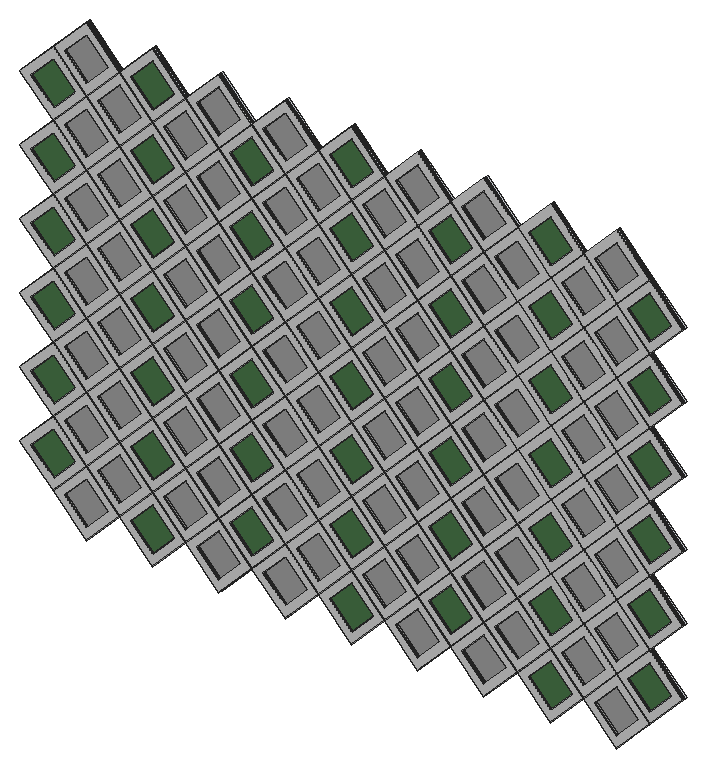
Revit family "SUR-STK-047_RITRATTO_RFA", category Modelos genéricos, Revit 2022
Family settings
  Puede alojar armadura = No
  Cota de conector redondo = Diámetro de uso
  Tipo de pieza = Normal
  Se basa en plano de trabajo = No
  Siempre vertical = Sí
  Corte con vacíos al cargar = No
  Mantener orientación de anotación = No
  Compartido = No
  Punto de cálculo de habitación = No
Parameters
  Elevación por defecto = 0.00"
Reference planes (in)
  plane 1 "Centro (Frontal/Posterior)": y = 0
  plane 2: z = 0
  plane 3 "Centro (Izquierda/Derecha)": x = 0
Forms (in)
  Extrusion 1, solid
    sketch origin (0, 0, 0) x (1, 0, 0) y (0, 0, 1)
      loop
        line (11.31371, 8.48528) -> (16.97056, 2.82843) -> (22.62742, 8.48528) -> (16.97056, 14.14214) -> (11.31371, 8.48528)
      loop
        line (8.48528, 8.48528) -> (16.97056, 0) -> (25.45584, 8.48528) -> (16.97056, 16.97056) -> (8.48528, 8.48528)
    from 0.47244 to 0.94488
  Extrusion 2, solid
    sketch origin (0, -0.5315, 0) x (1, 0, 0) y (0, 0, 1)
      loop
        line (11.31371, 8.48528) -> (16.97056, 2.82843) -> (22.62742, 8.48528) -> (16.97056, 14.14214) -> (11.31371, 8.48528)
      loop
        line (8.48528, 8.48528) -> (16.97056, 0) -> (25.45584, 8.48528) -> (16.97056, 16.97056) -> (8.48528, 8.48528)
    from 0.41339 to 0.5315
  Extrusion 3, solid
    sketch origin (0, 0.47244, 0) x (1, 0, 0) y (0, 0, 1)
      loop
        line (8.48528, 8.48528) -> (16.97056, 0) -> (25.45584, 8.48528) -> (16.97056, 16.97056) -> (8.48528, 8.48528)
    from 0.47244 to 0.94488
  Extrusion 4, solid, not visible
    sketch origin (0, 0, 0) x (1, 0, 0) y (0, 0, 1)
      loop
        line (11.31371, 8.48528) -> (16.97056, 2.82843) -> (22.62742, 8.48528) -> (16.97056, 14.14214) -> (11.31371, 8.48528)
      loop
        line (8.48528, 8.48528) -> (16.97056, 0) -> (25.45584, 8.48528) -> (16.97056, 16.97056) -> (8.48528, 8.48528)
    from 0.47244 to 0.94488
  Extrusion 5, solid, not visible
    sketch origin (0, -0.5315, 0) x (1, 0, 0) y (0, 0, 1)
      loop
        line (11.31371, 8.48528) -> (16.97056, 2.82843) -> (22.62742, 8.48528) -> (16.97056, 14.14214) -> (11.31371, 8.48528)
      loop
        line (8.48528, 8.48528) -> (16.97056, 0) -> (25.45584, 8.48528) -> (16.97056, 16.97056) -> (8.48528, 8.48528)
    from 0.41339 to 0.5315
  Extrusion 6, solid, not visible
    sketch origin (0, 0.47244, 0) x (1, 0, 0) y (0, 0, 1)
      loop
        line (8.48528, 8.48528) -> (16.97056, 0) -> (25.45584, 8.48528) -> (16.97056, 16.97056) -> (8.48528, 8.48528)
    from 0.47244 to 0.94488
  Extrusion 7, solid
    sketch origin (-8.48528, 0, 8.48528) x (1, 0, 0) y (0, 0, 1)
      loop
        line (11.31371, 8.48528) -> (16.97056, 2.82843) -> (22.62742, 8.48528) -> (16.97056, 14.14214) -> (11.31371, 8.48528)
      loop
        line (8.48528, 8.48528) -> (16.97056, 0) -> (25.45584, 8.48528) -> (16.97056, 16.97056) -> (8.48528, 8.48528)
    from 0.47244 to 0.94488
  Extrusion 8, solid
    sketch origin (-8.48528, -0.5315, 8.48528) x (1, 0, 0) y (0, 0, 1)
      loop
        line (11.31371, 8.48528) -> (16.97056, 2.82843) -> (22.62742, 8.48528) -> (16.97056, 14.14214) -> (11.31371, 8.48528)
      loop
        line (8.48528, 8.48528) -> (16.97056, 0) -> (25.45584, 8.48528) -> (16.97056, 16.97056) -> (8.48528, 8.48528)
    from 0.41339 to 0.5315
  Extrusion 9, solid
    sketch origin (-8.48528, 0.47244, 8.48528) x (1, 0, 0) y (0, 0, 1)
      loop
        line (8.48528, 8.48528) -> (16.97056, 0) -> (25.45584, 8.48528) -> (16.97056, 16.97056) -> (8.48528, 8.48528)
    from 0.47244 to 0.94488
  Extrusion 10, solid
    sketch origin (0, 0, 0) x (1, 0, 0) y (0, 0, 1)
      loop
        line (8.48528, 11.31371) -> (14.14214, 16.97056) -> (8.48528, 22.62742) -> (2.82843, 16.97056) -> (8.48528, 11.31371)
    from 0.47244 to 0.70866
  Extrusion 11, solid, not visible
    sketch origin (-8.48528, 0, 8.48528) x (1, 0, 0) y (0, 0, 1)
      loop
        line (11.31371, 8.48528) -> (16.97056, 2.82843) -> (22.62742, 8.48528) -> (16.97056, 14.14214) -> (11.31371, 8.48528)
      loop
        line (8.48528, 8.48528) -> (16.97056, 0) -> (25.45584, 8.48528) -> (16.97056, 16.97056) -> (8.48528, 8.48528)
    from 0.47244 to 0.94488
  Extrusion 12, solid, not visible
    sketch origin (-8.48528, -0.5315, 8.48528) x (1, 0, 0) y (0, 0, 1)
      loop
        line (11.31371, 8.48528) -> (16.97056, 2.82843) -> (22.62742, 8.48528) -> (16.97056, 14.14214) -> (11.31371, 8.48528)
      loop
        line (8.48528, 8.48528) -> (16.97056, 0) -> (25.45584, 8.48528) -> (16.97056, 16.97056) -> (8.48528, 8.48528)
    from 0.41339 to 0.5315
  Extrusion 13, solid, not visible
    sketch origin (-8.48528, 0.47244, 8.48528) x (1, 0, 0) y (0, 0, 1)
      loop
        line (8.48528, 8.48528) -> (16.97056, 0) -> (25.45584, 8.48528) -> (16.97056, 16.97056) -> (8.48528, 8.48528)
    from 0.47244 to 0.94488
  Extrusion 14, solid, not visible
    sketch origin (0, 0, 0) x (1, 0, 0) y (0, 0, 1)
      loop
        line (8.48528, 11.31371) -> (14.14214, 16.97056) -> (8.48528, 22.62742) -> (2.82843, 16.97056) -> (8.48528, 11.31371)
    from 0.47244 to 0.70866
  Extrusion 15, solid
    sketch origin (8.48528, 0, 8.48528) x (1, 0, 0) y (0, 0, 1)
      loop
        line (11.31371, 8.48528) -> (16.97056, 2.82843) -> (22.62742, 8.48528) -> (16.97056, 14.14214) -> (11.31371, 8.48528)
      loop
        line (8.48528, 8.48528) -> (16.97056, 0) -> (25.45584, 8.48528) -> (16.97056, 16.97056) -> (8.48528, 8.48528)
    from 0.47244 to 0.94488
  Extrusion 16, solid
    sketch origin (8.48528, -0.5315, 8.48528) x (1, 0, 0) y (0, 0, 1)
      loop
        line (11.31371, 8.48528) -> (16.97056, 2.82843) -> (22.62742, 8.48528) -> (16.97056, 14.14214) -> (11.31371, 8.48528)
      loop
        line (8.48528, 8.48528) -> (16.97056, 0) -> (25.45584, 8.48528) -> (16.97056, 16.97056) -> (8.48528, 8.48528)
    from 0.41339 to 0.5315
  Extrusion 17, solid
    sketch origin (8.48528, 0.47244, 8.48528) x (1, 0, 0) y (0, 0, 1)
      loop
        line (8.48528, 8.48528) -> (16.97056, 0) -> (25.45584, 8.48528) -> (16.97056, 16.97056) -> (8.48528, 8.48528)
    from 0.47244 to 0.94488
  Extrusion 18, solid
    sketch origin (16.97056, 0, 0) x (1, 0, 0) y (0, 0, 1)
      loop
        line (11.31371, 8.48528) -> (16.97056, 2.82843) -> (22.62742, 8.48528) -> (16.97056, 14.14214) -> (11.31371, 8.48528)
      loop
        line (8.48528, 8.48528) -> (16.97056, 0) -> (25.45584, 8.48528) -> (16.97056, 16.97056) -> (8.48528, 8.48528)
    from 0.47244 to 0.94488
  Extrusion 19, solid
    sketch origin (16.97056, -0.5315, 0) x (1, 0, 0) y (0, 0, 1)
      loop
        line (11.31371, 8.48528) -> (16.97056, 2.82843) -> (22.62742, 8.48528) -> (16.97056, 14.14214) -> (11.31371, 8.48528)
      loop
        line (8.48528, 8.48528) -> (16.97056, 0) -> (25.45584, 8.48528) -> (16.97056, 16.97056) -> (8.48528, 8.48528)
    from 0.41339 to 0.5315
  Extrusion 20, solid
    sketch origin (16.97056, 0.47244, 0) x (1, 0, 0) y (0, 0, 1)
      loop
        line (8.48528, 8.48528) -> (16.97056, 0) -> (25.45584, 8.48528) -> (16.97056, 16.97056) -> (8.48528, 8.48528)
    from 0.47244 to 0.94488
  Extrusion 21, solid
    sketch origin (25.45584, 0, -8.48528) x (1, 0, 0) y (0, 0, 1)
      loop
        line (8.48528, 11.31371) -> (14.14214, 16.97056) -> (8.48528, 22.62742) -> (2.82843, 16.97056) -> (8.48528, 11.31371)
    from 0.47244 to 0.70866
  Extrusion 22, solid
    sketch origin (33.94113, 0, 0) x (1, 0, 0) y (0, 0, 1)
      loop
        line (11.31371, 8.48528) -> (16.97056, 2.82843) -> (22.62742, 8.48528) -> (16.97056, 14.14214) -> (11.31371, 8.48528)
      loop
        line (8.48528, 8.48528) -> (16.97056, 0) -> (25.45584, 8.48528) -> (16.97056, 16.97056) -> (8.48528, 8.48528)
    from 0.47244 to 0.94488
  Extrusion 23, solid
    sketch origin (33.94113, -0.5315, 0) x (1, 0, 0) y (0, 0, 1)
      loop
        line (11.31371, 8.48528) -> (16.97056, 2.82843) -> (22.62742, 8.48528) -> (16.97056, 14.14214) -> (11.31371, 8.48528)
      loop
        line (8.48528, 8.48528) -> (16.97056, 0) -> (25.45584, 8.48528) -> (16.97056, 16.97056) -> (8.48528, 8.48528)
    from 0.41339 to 0.5315
  Extrusion 24, solid
    sketch origin (33.94113, 0.47244, 0) x (1, 0, 0) y (0, 0, 1)
      loop
        line (8.48528, 8.48528) -> (16.97056, 0) -> (25.45584, 8.48528) -> (16.97056, 16.97056) -> (8.48528, 8.48528)
    from 0.47244 to 0.94488
  Extrusion 25, solid
    sketch origin (50.91169, 0, 0) x (1, 0, 0) y (0, 0, 1)
      loop
        line (11.31371, 8.48528) -> (16.97056, 2.82843) -> (22.62742, 8.48528) -> (16.97056, 14.14214) -> (11.31371, 8.48528)
      loop
        line (8.48528, 8.48528) -> (16.97056, 0) -> (25.45584, 8.48528) -> (16.97056, 16.97056) -> (8.48528, 8.48528)
    from 0.47244 to 0.94488
  Extrusion 26, solid
    sketch origin (50.91169, -0.5315, 0) x (1, 0, 0) y (0, 0, 1)
      loop
        line (11.31371, 8.48528) -> (16.97056, 2.82843) -> (22.62742, 8.48528) -> (16.97056, 14.14214) -> (11.31371, 8.48528)
      loop
        line (8.48528, 8.48528) -> (16.97056, 0) -> (25.45584, 8.48528) -> (16.97056, 16.97056) -> (8.48528, 8.48528)
    from 0.41339 to 0.5315
  Extrusion 27, solid
    sketch origin (50.91169, 0.47244, 0) x (1, 0, 0) y (0, 0, 1)
      loop
        line (8.48528, 8.48528) -> (16.97056, 0) -> (25.45584, 8.48528) -> (16.97056, 16.97056) -> (8.48528, 8.48528)
    from 0.47244 to 0.94488
  Extrusion 28, solid
    sketch origin (25.45584, 0, 8.48528) x (1, 0, 0) y (0, 0, 1)
      loop
        line (11.31371, 8.48528) -> (16.97056, 2.82843) -> (22.62742, 8.48528) -> (16.97056, 14.14214) -> (11.31371, 8.48528)
      loop
        line (8.48528, 8.48528) -> (16.97056, 0) -> (25.45584, 8.48528) -> (16.97056, 16.97056) -> (8.48528, 8.48528)
    from 0.47244 to 0.94488
  Extrusion 29, solid
    sketch origin (25.45584, -0.5315, 8.48528) x (1, 0, 0) y (0, 0, 1)
      loop
        line (11.31371, 8.48528) -> (16.97056, 2.82843) -> (22.62742, 8.48528) -> (16.97056, 14.14214) -> (11.31371, 8.48528)
      loop
        line (8.48528, 8.48528) -> (16.97056, 0) -> (25.45584, 8.48528) -> (16.97056, 16.97056) -> (8.48528, 8.48528)
    from 0.41339 to 0.5315
  Extrusion 30, solid
    sketch origin (25.45584, 0.47244, 8.48528) x (1, 0, 0) y (0, 0, 1)
      loop
        line (8.48528, 8.48528) -> (16.97056, 0) -> (25.45584, 8.48528) -> (16.97056, 16.97056) -> (8.48528, 8.48528)
    from 0.47244 to 0.94488
  Extrusion 31, solid
    sketch origin (59.39697, 0, 8.48528) x (1, 0, 0) y (0, 0, 1)
      loop
        line (11.31371, 8.48528) -> (16.97056, 2.82843) -> (22.62742, 8.48528) -> (16.97056, 14.14214) -> (11.31371, 8.48528)
      loop
        line (8.48528, 8.48528) -> (16.97056, 0) -> (25.45584, 8.48528) -> (16.97056, 16.97056) -> (8.48528, 8.48528)
    from 0.47244 to 0.94488
  Extrusion 32, solid
    sketch origin (59.39697, -0.5315, 8.48528) x (1, 0, 0) y (0, 0, 1)
      loop
        line (11.31371, 8.48528) -> (16.97056, 2.82843) -> (22.62742, 8.48528) -> (16.97056, 14.14214) -> (11.31371, 8.48528)
      loop
        line (8.48528, 8.48528) -> (16.97056, 0) -> (25.45584, 8.48528) -> (16.97056, 16.97056) -> (8.48528, 8.48528)
    from 0.41339 to 0.5315
  Extrusion 33, solid
    sketch origin (59.39697, 0.47244, 8.48528) x (1, 0, 0) y (0, 0, 1)
      loop
        line (8.48528, 8.48528) -> (16.97056, 0) -> (25.45584, 8.48528) -> (16.97056, 16.97056) -> (8.48528, 8.48528)
    from 0.47244 to 0.94488
  Extrusion 34, solid
    sketch origin (42.42641, 0, 8.48528) x (1, 0, 0) y (0, 0, 1)
      loop
        line (11.31371, 8.48528) -> (16.97056, 2.82843) -> (22.62742, 8.48528) -> (16.97056, 14.14214) -> (11.31371, 8.48528)
      loop
        line (8.48528, 8.48528) -> (16.97056, 0) -> (25.45584, 8.48528) -> (16.97056, 16.97056) -> (8.48528, 8.48528)
    from 0.47244 to 0.94488
  Extrusion 35, solid
    sketch origin (42.42641, -0.5315, 8.48528) x (1, 0, 0) y (0, 0, 1)
      loop
        line (11.31371, 8.48528) -> (16.97056, 2.82843) -> (22.62742, 8.48528) -> (16.97056, 14.14214) -> (11.31371, 8.48528)
      loop
        line (8.48528, 8.48528) -> (16.97056, 0) -> (25.45584, 8.48528) -> (16.97056, 16.97056) -> (8.48528, 8.48528)
    from 0.41339 to 0.5315
  Extrusion 36, solid
    sketch origin (42.42641, 0.47244, 8.48528) x (1, 0, 0) y (0, 0, 1)
      loop
        line (8.48528, 8.48528) -> (16.97056, 0) -> (25.45584, 8.48528) -> (16.97056, 16.97056) -> (8.48528, 8.48528)
    from 0.47244 to 0.94488
  Extrusion 37, solid
    sketch origin (50.91169, 0, 0) x (1, 0, 0) y (0, 0, 1)
      loop
        line (8.48528, 11.31371) -> (14.14214, 16.97056) -> (8.48528, 22.62742) -> (2.82843, 16.97056) -> (8.48528, 11.31371)
    from 0.47244 to 0.70866
  Extrusion 38, solid
    sketch origin (67.88225, 0, 0) x (1, 0, 0) y (0, 0, 1)
      loop
        line (11.31371, 8.48528) -> (16.97056, 2.82843) -> (22.62742, 8.48528) -> (16.97056, 14.14214) -> (11.31371, 8.48528)
      loop
        line (8.48528, 8.48528) -> (16.97056, 0) -> (25.45584, 8.48528) -> (16.97056, 16.97056) -> (8.48528, 8.48528)
    from 0.47244 to 0.94488
  Extrusion 39, solid
    sketch origin (67.88225, -0.5315, 0) x (1, 0, 0) y (0, 0, 1)
      loop
        line (11.31371, 8.48528) -> (16.97056, 2.82843) -> (22.62742, 8.48528) -> (16.97056, 14.14214) -> (11.31371, 8.48528)
      loop
        line (8.48528, 8.48528) -> (16.97056, 0) -> (25.45584, 8.48528) -> (16.97056, 16.97056) -> (8.48528, 8.48528)
    from 0.41339 to 0.5315
  Extrusion 40, solid
    sketch origin (67.88225, 0.47244, 0) x (1, 0, 0) y (0, 0, 1)
      loop
        line (8.48528, 8.48528) -> (16.97056, 0) -> (25.45584, 8.48528) -> (16.97056, 16.97056) -> (8.48528, 8.48528)
    from 0.47244 to 0.94488
  Extrusion 41, solid
    sketch origin (76.36753, 0, -8.48528) x (1, 0, 0) y (0, 0, 1)
      loop
        line (8.48528, 11.31371) -> (14.14214, 16.97056) -> (8.48528, 22.62742) -> (2.82843, 16.97056) -> (8.48528, 11.31371)
    from 0.47244 to 0.70866
  Extrusion 42, solid
    sketch origin (76.36753, 0, 8.48528) x (1, 0, 0) y (0, 0, 1)
      loop
        line (11.31371, 8.48528) -> (16.97056, 2.82843) -> (22.62742, 8.48528) -> (16.97056, 14.14214) -> (11.31371, 8.48528)
      loop
        line (8.48528, 8.48528) -> (16.97056, 0) -> (25.45584, 8.48528) -> (16.97056, 16.97056) -> (8.48528, 8.48528)
    from 0.47244 to 0.94488
  Extrusion 43, solid
    sketch origin (76.36753, -0.5315, 8.48528) x (1, 0, 0) y (0, 0, 1)
      loop
        line (11.31371, 8.48528) -> (16.97056, 2.82843) -> (22.62742, 8.48528) -> (16.97056, 14.14214) -> (11.31371, 8.48528)
      loop
        line (8.48528, 8.48528) -> (16.97056, 0) -> (25.45584, 8.48528) -> (16.97056, 16.97056) -> (8.48528, 8.48528)
    from 0.41339 to 0.5315
  Extrusion 44, solid
    sketch origin (76.36753, 0.47244, 8.48528) x (1, 0, 0) y (0, 0, 1)
      loop
        line (8.48528, 8.48528) -> (16.97056, 0) -> (25.45584, 8.48528) -> (16.97056, 16.97056) -> (8.48528, 8.48528)
    from 0.47244 to 0.94488
  Extrusion 45, solid
    sketch origin (84.85281, 0, 0) x (1, 0, 0) y (0, 0, 1)
      loop
        line (11.31371, 8.48528) -> (16.97056, 2.82843) -> (22.62742, 8.48528) -> (16.97056, 14.14214) -> (11.31371, 8.48528)
      loop
        line (8.48528, 8.48528) -> (16.97056, 0) -> (25.45584, 8.48528) -> (16.97056, 16.97056) -> (8.48528, 8.48528)
    from 0.47244 to 0.94488
  Extrusion 46, solid
    sketch origin (84.85281, -0.5315, 0) x (1, 0, 0) y (0, 0, 1)
      loop
        line (11.31371, 8.48528) -> (16.97056, 2.82843) -> (22.62742, 8.48528) -> (16.97056, 14.14214) -> (11.31371, 8.48528)
      loop
        line (8.48528, 8.48528) -> (16.97056, 0) -> (25.45584, 8.48528) -> (16.97056, 16.97056) -> (8.48528, 8.48528)
    from 0.41339 to 0.5315
  Extrusion 47, solid
    sketch origin (84.85281, 0.47244, 0) x (1, 0, 0) y (0, 0, 1)
      loop
        line (8.48528, 8.48528) -> (16.97056, 0) -> (25.45584, 8.48528) -> (16.97056, 16.97056) -> (8.48528, 8.48528)
    from 0.47244 to 0.94488
  Extrusion 48, solid
    sketch origin (101.82338, 0, 0) x (1, 0, 0) y (0, 0, 1)
      loop
        line (11.31371, 8.48528) -> (16.97056, 2.82843) -> (22.62742, 8.48528) -> (16.97056, 14.14214) -> (11.31371, 8.48528)
      loop
        line (8.48528, 8.48528) -> (16.97056, 0) -> (25.45584, 8.48528) -> (16.97056, 16.97056) -> (8.48528, 8.48528)
    from 0.47244 to 0.94488
  Extrusion 49, solid
    sketch origin (101.82338, -0.5315, 0) x (1, 0, 0) y (0, 0, 1)
      loop
        line (11.31371, 8.48528) -> (16.97056, 2.82843) -> (22.62742, 8.48528) -> (16.97056, 14.14214) -> (11.31371, 8.48528)
      loop
        line (8.48528, 8.48528) -> (16.97056, 0) -> (25.45584, 8.48528) -> (16.97056, 16.97056) -> (8.48528, 8.48528)
    from 0.41339 to 0.5315
  Extrusion 50, solid
    sketch origin (101.82338, 0.47244, 0) x (1, 0, 0) y (0, 0, 1)
      loop
        line (8.48528, 8.48528) -> (16.97056, 0) -> (25.45584, 8.48528) -> (16.97056, 16.97056) -> (8.48528, 8.48528)
    from 0.47244 to 0.94488
  Extrusion 51, solid
    sketch origin (110.30866, 0, 8.48528) x (1, 0, 0) y (0, 0, 1)
      loop
        line (11.31371, 8.48528) -> (16.97056, 2.82843) -> (22.62742, 8.48528) -> (16.97056, 14.14214) -> (11.31371, 8.48528)
      loop
        line (8.48528, 8.48528) -> (16.97056, 0) -> (25.45584, 8.48528) -> (16.97056, 16.97056) -> (8.48528, 8.48528)
    from 0.47244 to 0.94488
  Extrusion 52, solid
    sketch origin (110.30866, -0.5315, 8.48528) x (1, 0, 0) y (0, 0, 1)
      loop
        line (11.31371, 8.48528) -> (16.97056, 2.82843) -> (22.62742, 8.48528) -> (16.97056, 14.14214) -> (11.31371, 8.48528)
      loop
        line (8.48528, 8.48528) -> (16.97056, 0) -> (25.45584, 8.48528) -> (16.97056, 16.97056) -> (8.48528, 8.48528)
    from 0.41339 to 0.5315
  Extrusion 53, solid
    sketch origin (110.30866, 0.47244, 8.48528) x (1, 0, 0) y (0, 0, 1)
      loop
        line (8.48528, 8.48528) -> (16.97056, 0) -> (25.45584, 8.48528) -> (16.97056, 16.97056) -> (8.48528, 8.48528)
    from 0.47244 to 0.94488
  Extrusion 54, solid
    sketch origin (93.3381, 0, 8.48528) x (1, 0, 0) y (0, 0, 1)
      loop
        line (11.31371, 8.48528) -> (16.97056, 2.82843) -> (22.62742, 8.48528) -> (16.97056, 14.14214) -> (11.31371, 8.48528)
      loop
        line (8.48528, 8.48528) -> (16.97056, 0) -> (25.45584, 8.48528) -> (16.97056, 16.97056) -> (8.48528, 8.48528)
    from 0.47244 to 0.94488
  Extrusion 55, solid
    sketch origin (93.3381, -0.5315, 8.48528) x (1, 0, 0) y (0, 0, 1)
      loop
        line (11.31371, 8.48528) -> (16.97056, 2.82843) -> (22.62742, 8.48528) -> (16.97056, 14.14214) -> (11.31371, 8.48528)
      loop
        line (8.48528, 8.48528) -> (16.97056, 0) -> (25.45584, 8.48528) -> (16.97056, 16.97056) -> (8.48528, 8.48528)
    from 0.41339 to 0.5315
  Extrusion 56, solid
    sketch origin (93.3381, 0.47244, 8.48528) x (1, 0, 0) y (0, 0, 1)
      loop
        line (8.48528, 8.48528) -> (16.97056, 0) -> (25.45584, 8.48528) -> (16.97056, 16.97056) -> (8.48528, 8.48528)
    from 0.47244 to 0.94488
  Extrusion 57, solid
    sketch origin (101.82338, 0, 0) x (1, 0, 0) y (0, 0, 1)
      loop
        line (8.48528, 11.31371) -> (14.14214, 16.97056) -> (8.48528, 22.62742) -> (2.82843, 16.97056) -> (8.48528, 11.31371)
    from 0.47244 to 0.70866
  Extrusion 58, solid
    sketch origin (118.79394, 0, 0) x (1, 0, 0) y (0, 0, 1)
      loop
        line (11.31371, 8.48528) -> (16.97056, 2.82843) -> (22.62742, 8.48528) -> (16.97056, 14.14214) -> (11.31371, 8.48528)
      loop
        line (8.48528, 8.48528) -> (16.97056, 0) -> (25.45584, 8.48528) -> (16.97056, 16.97056) -> (8.48528, 8.48528)
    from 0.47244 to 0.94488
  Extrusion 59, solid
    sketch origin (118.79394, -0.5315, 0) x (1, 0, 0) y (0, 0, 1)
      loop
        line (11.31371, 8.48528) -> (16.97056, 2.82843) -> (22.62742, 8.48528) -> (16.97056, 14.14214) -> (11.31371, 8.48528)
      loop
        line (8.48528, 8.48528) -> (16.97056, 0) -> (25.45584, 8.48528) -> (16.97056, 16.97056) -> (8.48528, 8.48528)
    from 0.41339 to 0.5315
  Extrusion 60, solid
    sketch origin (118.79394, 0.47244, 0) x (1, 0, 0) y (0, 0, 1)
      loop
        line (8.48528, 8.48528) -> (16.97056, 0) -> (25.45584, 8.48528) -> (16.97056, 16.97056) -> (8.48528, 8.48528)
    from 0.47244 to 0.94488
  Extrusion 61, solid
    sketch origin (127.27922, 0, -8.48528) x (1, 0, 0) y (0, 0, 1)
      loop
        line (8.48528, 11.31371) -> (14.14214, 16.97056) -> (8.48528, 22.62742) -> (2.82843, 16.97056) -> (8.48528, 11.31371)
    from 0.47244 to 0.70866
  Extrusion 62, solid
    sketch origin (144.24978, 0, 8.48528) x (1, 0, 0) y (0, 0, 1)
      loop
        line (11.31371, 8.48528) -> (16.97056, 2.82843) -> (22.62742, 8.48528) -> (16.97056, 14.14214) -> (11.31371, 8.48528)
      loop
        line (8.48528, 8.48528) -> (16.97056, 0) -> (25.45584, 8.48528) -> (16.97056, 16.97056) -> (8.48528, 8.48528)
    from 0.47244 to 0.94488
  Extrusion 63, solid
    sketch origin (144.24978, -0.5315, 8.48528) x (1, 0, 0) y (0, 0, 1)
      loop
        line (11.31371, 8.48528) -> (16.97056, 2.82843) -> (22.62742, 8.48528) -> (16.97056, 14.14214) -> (11.31371, 8.48528)
      loop
        line (8.48528, 8.48528) -> (16.97056, 0) -> (25.45584, 8.48528) -> (16.97056, 16.97056) -> (8.48528, 8.48528)
    from 0.41339 to 0.5315
  Extrusion 64, solid
    sketch origin (144.24978, 0.47244, 8.48528) x (1, 0, 0) y (0, 0, 1)
      loop
        line (8.48528, 8.48528) -> (16.97056, 0) -> (25.45584, 8.48528) -> (16.97056, 16.97056) -> (8.48528, 8.48528)
    from 0.47244 to 0.94488
  Extrusion 65, solid
    sketch origin (152.73506, 0, 0) x (1, 0, 0) y (0, 0, 1)
      loop
        line (8.48528, 11.31371) -> (14.14214, 16.97056) -> (8.48528, 22.62742) -> (2.82843, 16.97056) -> (8.48528, 11.31371)
    from 0.47244 to 0.70866
  Extrusion 66, solid
    sketch origin (127.27922, 0, 8.48528) x (1, 0, 0) y (0, 0, 1)
      loop
        line (11.31371, 8.48528) -> (16.97056, 2.82843) -> (22.62742, 8.48528) -> (16.97056, 14.14214) -> (11.31371, 8.48528)
      loop
        line (8.48528, 8.48528) -> (16.97056, 0) -> (25.45584, 8.48528) -> (16.97056, 16.97056) -> (8.48528, 8.48528)
    from 0.47244 to 0.94488
  Extrusion 67, solid
    sketch origin (127.27922, -0.5315, 8.48528) x (1, 0, 0) y (0, 0, 1)
      loop
        line (11.31371, 8.48528) -> (16.97056, 2.82843) -> (22.62742, 8.48528) -> (16.97056, 14.14214) -> (11.31371, 8.48528)
      loop
        line (8.48528, 8.48528) -> (16.97056, 0) -> (25.45584, 8.48528) -> (16.97056, 16.97056) -> (8.48528, 8.48528)
    from 0.41339 to 0.5315
  Extrusion 68, solid
    sketch origin (127.27922, 0.47244, 8.48528) x (1, 0, 0) y (0, 0, 1)
      loop
        line (8.48528, 8.48528) -> (16.97056, 0) -> (25.45584, 8.48528) -> (16.97056, 16.97056) -> (8.48528, 8.48528)
    from 0.47244 to 0.94488
  Extrusion 69, solid
    sketch origin (135.7645, 0, 0) x (1, 0, 0) y (0, 0, 1)
      loop
        line (11.31371, 8.48528) -> (16.97056, 2.82843) -> (22.62742, 8.48528) -> (16.97056, 14.14214) -> (11.31371, 8.48528)
      loop
        line (8.48528, 8.48528) -> (16.97056, 0) -> (25.45584, 8.48528) -> (16.97056, 16.97056) -> (8.48528, 8.48528)
    from 0.47244 to 0.94488
  Extrusion 70, solid
    sketch origin (135.7645, -0.5315, 0) x (1, 0, 0) y (0, 0, 1)
      loop
        line (11.31371, 8.48528) -> (16.97056, 2.82843) -> (22.62742, 8.48528) -> (16.97056, 14.14214) -> (11.31371, 8.48528)
      loop
        line (8.48528, 8.48528) -> (16.97056, 0) -> (25.45584, 8.48528) -> (16.97056, 16.97056) -> (8.48528, 8.48528)
    from 0.41339 to 0.5315
  Extrusion 71, solid
    sketch origin (135.7645, 0.47244, 0) x (1, 0, 0) y (0, 0, 1)
      loop
        line (8.48528, 8.48528) -> (16.97056, 0) -> (25.45584, 8.48528) -> (16.97056, 16.97056) -> (8.48528, 8.48528)
    from 0.47244 to 0.94488
  Extrusion 72, solid
    sketch origin (0, 0, 16.97056) x (1, 0, 0) y (0, 0, 1)
      loop
        line (11.31371, 8.48528) -> (16.97056, 2.82843) -> (22.62742, 8.48528) -> (16.97056, 14.14214) -> (11.31371, 8.48528)
      loop
        line (8.48528, 8.48528) -> (16.97056, 0) -> (25.45584, 8.48528) -> (16.97056, 16.97056) -> (8.48528, 8.48528)
    from 0.47244 to 0.94488
  Extrusion 73, solid
    sketch origin (0, -0.5315, 16.97056) x (1, 0, 0) y (0, 0, 1)
      loop
        line (11.31371, 8.48528) -> (16.97056, 2.82843) -> (22.62742, 8.48528) -> (16.97056, 14.14214) -> (11.31371, 8.48528)
      loop
        line (8.48528, 8.48528) -> (16.97056, 0) -> (25.45584, 8.48528) -> (16.97056, 16.97056) -> (8.48528, 8.48528)
    from 0.41339 to 0.5315
  Extrusion 74, solid
    sketch origin (0, 0.47244, 16.97056) x (1, 0, 0) y (0, 0, 1)
      loop
        line (8.48528, 8.48528) -> (16.97056, 0) -> (25.45584, 8.48528) -> (16.97056, 16.97056) -> (8.48528, 8.48528)
    from 0.47244 to 0.94488
  Extrusion 75, solid
    sketch origin (-8.48528, 0, 25.45584) x (1, 0, 0) y (0, 0, 1)
      loop
        line (11.31371, 8.48528) -> (16.97056, 2.82843) -> (22.62742, 8.48528) -> (16.97056, 14.14214) -> (11.31371, 8.48528)
      loop
        line (8.48528, 8.48528) -> (16.97056, 0) -> (25.45584, 8.48528) -> (16.97056, 16.97056) -> (8.48528, 8.48528)
    from 0.47244 to 0.94488
  Extrusion 76, solid
    sketch origin (-8.48528, -0.5315, 25.45584) x (1, 0, 0) y (0, 0, 1)
      loop
        line (11.31371, 8.48528) -> (16.97056, 2.82843) -> (22.62742, 8.48528) -> (16.97056, 14.14214) -> (11.31371, 8.48528)
      loop
        line (8.48528, 8.48528) -> (16.97056, 0) -> (25.45584, 8.48528) -> (16.97056, 16.97056) -> (8.48528, 8.48528)
    from 0.41339 to 0.5315
  Extrusion 77, solid
    sketch origin (-8.48528, 0.47244, 25.45584) x (1, 0, 0) y (0, 0, 1)
      loop
        line (8.48528, 8.48528) -> (16.97056, 0) -> (25.45584, 8.48528) -> (16.97056, 16.97056) -> (8.48528, 8.48528)
    from 0.47244 to 0.94488
  Extrusion 78, solid
    sketch origin (0, 0, 16.97056) x (1, 0, 0) y (0, 0, 1)
      loop
        line (8.48528, 11.31371) -> (14.14214, 16.97056) -> (8.48528, 22.62742) -> (2.82843, 16.97056) -> (8.48528, 11.31371)
    from 0.47244 to 0.70866
  Extrusion 79, solid
    sketch origin (8.48528, 0, 25.45584) x (1, 0, 0) y (0, 0, 1)
      loop
        line (11.31371, 8.48528) -> (16.97056, 2.82843) -> (22.62742, 8.48528) -> (16.97056, 14.14214) -> (11.31371, 8.48528)
      loop
        line (8.48528, 8.48528) -> (16.97056, 0) -> (25.45584, 8.48528) -> (16.97056, 16.97056) -> (8.48528, 8.48528)
    from 0.47244 to 0.94488
  Extrusion 80, solid
    sketch origin (8.48528, -0.5315, 25.45584) x (1, 0, 0) y (0, 0, 1)
      loop
        line (11.31371, 8.48528) -> (16.97056, 2.82843) -> (22.62742, 8.48528) -> (16.97056, 14.14214) -> (11.31371, 8.48528)
      loop
        line (8.48528, 8.48528) -> (16.97056, 0) -> (25.45584, 8.48528) -> (16.97056, 16.97056) -> (8.48528, 8.48528)
    from 0.41339 to 0.5315
  Extrusion 81, solid
    sketch origin (8.48528, 0.47244, 25.45584) x (1, 0, 0) y (0, 0, 1)
      loop
        line (8.48528, 8.48528) -> (16.97056, 0) -> (25.45584, 8.48528) -> (16.97056, 16.97056) -> (8.48528, 8.48528)
    from 0.47244 to 0.94488
  Extrusion 82, solid
    sketch origin (16.97056, 0, 16.97056) x (1, 0, 0) y (0, 0, 1)
      loop
        line (11.31371, 8.48528) -> (16.97056, 2.82843) -> (22.62742, 8.48528) -> (16.97056, 14.14214) -> (11.31371, 8.48528)
      loop
        line (8.48528, 8.48528) -> (16.97056, 0) -> (25.45584, 8.48528) -> (16.97056, 16.97056) -> (8.48528, 8.48528)
    from 0.47244 to 0.94488
  Extrusion 83, solid
    sketch origin (16.97056, -0.5315, 16.97056) x (1, 0, 0) y (0, 0, 1)
      loop
        line (11.31371, 8.48528) -> (16.97056, 2.82843) -> (22.62742, 8.48528) -> (16.97056, 14.14214) -> (11.31371, 8.48528)
      loop
        line (8.48528, 8.48528) -> (16.97056, 0) -> (25.45584, 8.48528) -> (16.97056, 16.97056) -> (8.48528, 8.48528)
    from 0.41339 to 0.5315
  Extrusion 84, solid
    sketch origin (16.97056, 0.47244, 16.97056) x (1, 0, 0) y (0, 0, 1)
      loop
        line (8.48528, 8.48528) -> (16.97056, 0) -> (25.45584, 8.48528) -> (16.97056, 16.97056) -> (8.48528, 8.48528)
    from 0.47244 to 0.94488
  Extrusion 85, solid
    sketch origin (25.45584, 0, 8.48528) x (1, 0, 0) y (0, 0, 1)
      loop
        line (8.48528, 11.31371) -> (14.14214, 16.97056) -> (8.48528, 22.62742) -> (2.82843, 16.97056) -> (8.48528, 11.31371)
    from 0.47244 to 0.70866
  Extrusion 86, solid
    sketch origin (33.94113, 0, 16.97056) x (1, 0, 0) y (0, 0, 1)
      loop
        line (11.31371, 8.48528) -> (16.97056, 2.82843) -> (22.62742, 8.48528) -> (16.97056, 14.14214) -> (11.31371, 8.48528)
      loop
        line (8.48528, 8.48528) -> (16.97056, 0) -> (25.45584, 8.48528) -> (16.97056, 16.97056) -> (8.48528, 8.48528)
    from 0.47244 to 0.94488
  Extrusion 87, solid
    sketch origin (33.94113, -0.5315, 16.97056) x (1, 0, 0) y (0, 0, 1)
      loop
        line (11.31371, 8.48528) -> (16.97056, 2.82843) -> (22.62742, 8.48528) -> (16.97056, 14.14214) -> (11.31371, 8.48528)
      loop
        line (8.48528, 8.48528) -> (16.97056, 0) -> (25.45584, 8.48528) -> (16.97056, 16.97056) -> (8.48528, 8.48528)
    from 0.41339 to 0.5315
  Extrusion 88, solid
    sketch origin (33.94113, 0.47244, 16.97056) x (1, 0, 0) y (0, 0, 1)
      loop
        line (8.48528, 8.48528) -> (16.97056, 0) -> (25.45584, 8.48528) -> (16.97056, 16.97056) -> (8.48528, 8.48528)
    from 0.47244 to 0.94488
  Extrusion 89, solid
    sketch origin (50.91169, 0, 16.97056) x (1, 0, 0) y (0, 0, 1)
      loop
        line (11.31371, 8.48528) -> (16.97056, 2.82843) -> (22.62742, 8.48528) -> (16.97056, 14.14214) -> (11.31371, 8.48528)
      loop
        line (8.48528, 8.48528) -> (16.97056, 0) -> (25.45584, 8.48528) -> (16.97056, 16.97056) -> (8.48528, 8.48528)
    from 0.47244 to 0.94488
  Extrusion 90, solid
    sketch origin (50.91169, -0.5315, 16.97056) x (1, 0, 0) y (0, 0, 1)
      loop
        line (11.31371, 8.48528) -> (16.97056, 2.82843) -> (22.62742, 8.48528) -> (16.97056, 14.14214) -> (11.31371, 8.48528)
      loop
        line (8.48528, 8.48528) -> (16.97056, 0) -> (25.45584, 8.48528) -> (16.97056, 16.97056) -> (8.48528, 8.48528)
    from 0.41339 to 0.5315
  Extrusion 91, solid
    sketch origin (50.91169, 0.47244, 16.97056) x (1, 0, 0) y (0, 0, 1)
      loop
        line (8.48528, 8.48528) -> (16.97056, 0) -> (25.45584, 8.48528) -> (16.97056, 16.97056) -> (8.48528, 8.48528)
    from 0.47244 to 0.94488
  Extrusion 92, solid
    sketch origin (25.45584, 0, 25.45584) x (1, 0, 0) y (0, 0, 1)
      loop
        line (11.31371, 8.48528) -> (16.97056, 2.82843) -> (22.62742, 8.48528) -> (16.97056, 14.14214) -> (11.31371, 8.48528)
      loop
        line (8.48528, 8.48528) -> (16.97056, 0) -> (25.45584, 8.48528) -> (16.97056, 16.97056) -> (8.48528, 8.48528)
    from 0.47244 to 0.94488
  Extrusion 93, solid
    sketch origin (25.45584, -0.5315, 25.45584) x (1, 0, 0) y (0, 0, 1)
      loop
        line (11.31371, 8.48528) -> (16.97056, 2.82843) -> (22.62742, 8.48528) -> (16.97056, 14.14214) -> (11.31371, 8.48528)
      loop
        line (8.48528, 8.48528) -> (16.97056, 0) -> (25.45584, 8.48528) -> (16.97056, 16.97056) -> (8.48528, 8.48528)
    from 0.41339 to 0.5315
  Extrusion 94, solid
    sketch origin (25.45584, 0.47244, 25.45584) x (1, 0, 0) y (0, 0, 1)
      loop
        line (8.48528, 8.48528) -> (16.97056, 0) -> (25.45584, 8.48528) -> (16.97056, 16.97056) -> (8.48528, 8.48528)
    from 0.47244 to 0.94488
  Extrusion 95, solid
    sketch origin (59.39697, 0, 25.45584) x (1, 0, 0) y (0, 0, 1)
      loop
        line (11.31371, 8.48528) -> (16.97056, 2.82843) -> (22.62742, 8.48528) -> (16.97056, 14.14214) -> (11.31371, 8.48528)
      loop
        line (8.48528, 8.48528) -> (16.97056, 0) -> (25.45584, 8.48528) -> (16.97056, 16.97056) -> (8.48528, 8.48528)
    from 0.47244 to 0.94488
  Extrusion 96, solid
    sketch origin (59.39697, -0.5315, 25.45584) x (1, 0, 0) y (0, 0, 1)
      loop
        line (11.31371, 8.48528) -> (16.97056, 2.82843) -> (22.62742, 8.48528) -> (16.97056, 14.14214) -> (11.31371, 8.48528)
      loop
        line (8.48528, 8.48528) -> (16.97056, 0) -> (25.45584, 8.48528) -> (16.97056, 16.97056) -> (8.48528, 8.48528)
    from 0.41339 to 0.5315
  Extrusion 97, solid
    sketch origin (59.39697, 0.47244, 25.45584) x (1, 0, 0) y (0, 0, 1)
      loop
        line (8.48528, 8.48528) -> (16.97056, 0) -> (25.45584, 8.48528) -> (16.97056, 16.97056) -> (8.48528, 8.48528)
    from 0.47244 to 0.94488
  Extrusion 98, solid
    sketch origin (42.42641, 0, 25.45584) x (1, 0, 0) y (0, 0, 1)
      loop
        line (11.31371, 8.48528) -> (16.97056, 2.82843) -> (22.62742, 8.48528) -> (16.97056, 14.14214) -> (11.31371, 8.48528)
      loop
        line (8.48528, 8.48528) -> (16.97056, 0) -> (25.45584, 8.48528) -> (16.97056, 16.97056) -> (8.48528, 8.48528)
    from 0.47244 to 0.94488
  Extrusion 99, solid
    sketch origin (42.42641, -0.5315, 25.45584) x (1, 0, 0) y (0, 0, 1)
      loop
        line (11.31371, 8.48528) -> (16.97056, 2.82843) -> (22.62742, 8.48528) -> (16.97056, 14.14214) -> (11.31371, 8.48528)
      loop
        line (8.48528, 8.48528) -> (16.97056, 0) -> (25.45584, 8.48528) -> (16.97056, 16.97056) -> (8.48528, 8.48528)
    from 0.41339 to 0.5315
  Extrusion 100, solid
    sketch origin (42.42641, 0.47244, 25.45584) x (1, 0, 0) y (0, 0, 1)
      loop
        line (8.48528, 8.48528) -> (16.97056, 0) -> (25.45584, 8.48528) -> (16.97056, 16.97056) -> (8.48528, 8.48528)
    from 0.47244 to 0.94488
  Extrusion 101, solid
    sketch origin (50.91169, 0, 16.97056) x (1, 0, 0) y (0, 0, 1)
      loop
        line (8.48528, 11.31371) -> (14.14214, 16.97056) -> (8.48528, 22.62742) -> (2.82843, 16.97056) -> (8.48528, 11.31371)
    from 0.47244 to 0.70866
  Extrusion 102, solid
    sketch origin (67.88225, 0, 16.97056) x (1, 0, 0) y (0, 0, 1)
      loop
        line (11.31371, 8.48528) -> (16.97056, 2.82843) -> (22.62742, 8.48528) -> (16.97056, 14.14214) -> (11.31371, 8.48528)
      loop
        line (8.48528, 8.48528) -> (16.97056, 0) -> (25.45584, 8.48528) -> (16.97056, 16.97056) -> (8.48528, 8.48528)
    from 0.47244 to 0.94488
  Extrusion 103, solid
    sketch origin (67.88225, -0.5315, 16.97056) x (1, 0, 0) y (0, 0, 1)
      loop
        line (11.31371, 8.48528) -> (16.97056, 2.82843) -> (22.62742, 8.48528) -> (16.97056, 14.14214) -> (11.31371, 8.48528)
      loop
        line (8.48528, 8.48528) -> (16.97056, 0) -> (25.45584, 8.48528) -> (16.97056, 16.97056) -> (8.48528, 8.48528)
    from 0.41339 to 0.5315
  Extrusion 104, solid
    sketch origin (67.88225, 0.47244, 16.97056) x (1, 0, 0) y (0, 0, 1)
      loop
        line (8.48528, 8.48528) -> (16.97056, 0) -> (25.45584, 8.48528) -> (16.97056, 16.97056) -> (8.48528, 8.48528)
    from 0.47244 to 0.94488
  Extrusion 105, solid
    sketch origin (76.36753, 0, 8.48528) x (1, 0, 0) y (0, 0, 1)
      loop
        line (8.48528, 11.31371) -> (14.14214, 16.97056) -> (8.48528, 22.62742) -> (2.82843, 16.97056) -> (8.48528, 11.31371)
    from 0.47244 to 0.70866
  Extrusion 106, solid
    sketch origin (76.36753, 0, 25.45584) x (1, 0, 0) y (0, 0, 1)
      loop
        line (11.31371, 8.48528) -> (16.97056, 2.82843) -> (22.62742, 8.48528) -> (16.97056, 14.14214) -> (11.31371, 8.48528)
      loop
        line (8.48528, 8.48528) -> (16.97056, 0) -> (25.45584, 8.48528) -> (16.97056, 16.97056) -> (8.48528, 8.48528)
    from 0.47244 to 0.94488
  Extrusion 107, solid
    sketch origin (76.36753, -0.5315, 25.45584) x (1, 0, 0) y (0, 0, 1)
      loop
        line (11.31371, 8.48528) -> (16.97056, 2.82843) -> (22.62742, 8.48528) -> (16.97056, 14.14214) -> (11.31371, 8.48528)
      loop
        line (8.48528, 8.48528) -> (16.97056, 0) -> (25.45584, 8.48528) -> (16.97056, 16.97056) -> (8.48528, 8.48528)
    from 0.41339 to 0.5315
  Extrusion 108, solid
    sketch origin (76.36753, 0.47244, 25.45584) x (1, 0, 0) y (0, 0, 1)
      loop
        line (8.48528, 8.48528) -> (16.97056, 0) -> (25.45584, 8.48528) -> (16.97056, 16.97056) -> (8.48528, 8.48528)
    from 0.47244 to 0.94488
  Extrusion 109, solid
    sketch origin (84.85281, 0, 16.97056) x (1, 0, 0) y (0, 0, 1)
      loop
        line (11.31371, 8.48528) -> (16.97056, 2.82843) -> (22.62742, 8.48528) -> (16.97056, 14.14214) -> (11.31371, 8.48528)
      loop
        line (8.48528, 8.48528) -> (16.97056, 0) -> (25.45584, 8.48528) -> (16.97056, 16.97056) -> (8.48528, 8.48528)
    from 0.47244 to 0.94488
  Extrusion 110, solid
    sketch origin (84.85281, -0.5315, 16.97056) x (1, 0, 0) y (0, 0, 1)
      loop
        line (11.31371, 8.48528) -> (16.97056, 2.82843) -> (22.62742, 8.48528) -> (16.97056, 14.14214) -> (11.31371, 8.48528)
      loop
        line (8.48528, 8.48528) -> (16.97056, 0) -> (25.45584, 8.48528) -> (16.97056, 16.97056) -> (8.48528, 8.48528)
    from 0.41339 to 0.5315
  Extrusion 111, solid
    sketch origin (84.85281, 0.47244, 16.97056) x (1, 0, 0) y (0, 0, 1)
      loop
        line (8.48528, 8.48528) -> (16.97056, 0) -> (25.45584, 8.48528) -> (16.97056, 16.97056) -> (8.48528, 8.48528)
    from 0.47244 to 0.94488
  Extrusion 112, solid
    sketch origin (101.82338, 0, 16.97056) x (1, 0, 0) y (0, 0, 1)
      loop
        line (11.31371, 8.48528) -> (16.97056, 2.82843) -> (22.62742, 8.48528) -> (16.97056, 14.14214) -> (11.31371, 8.48528)
      loop
        line (8.48528, 8.48528) -> (16.97056, 0) -> (25.45584, 8.48528) -> (16.97056, 16.97056) -> (8.48528, 8.48528)
    from 0.47244 to 0.94488
  Extrusion 113, solid
    sketch origin (101.82338, -0.5315, 16.97056) x (1, 0, 0) y (0, 0, 1)
      loop
        line (11.31371, 8.48528) -> (16.97056, 2.82843) -> (22.62742, 8.48528) -> (16.97056, 14.14214) -> (11.31371, 8.48528)
      loop
        line (8.48528, 8.48528) -> (16.97056, 0) -> (25.45584, 8.48528) -> (16.97056, 16.97056) -> (8.48528, 8.48528)
    from 0.41339 to 0.5315
  Extrusion 114, solid
    sketch origin (101.82338, 0.47244, 16.97056) x (1, 0, 0) y (0, 0, 1)
      loop
        line (8.48528, 8.48528) -> (16.97056, 0) -> (25.45584, 8.48528) -> (16.97056, 16.97056) -> (8.48528, 8.48528)
    from 0.47244 to 0.94488
  Extrusion 115, solid
    sketch origin (110.30866, 0, 25.45584) x (1, 0, 0) y (0, 0, 1)
      loop
        line (11.31371, 8.48528) -> (16.97056, 2.82843) -> (22.62742, 8.48528) -> (16.97056, 14.14214) -> (11.31371, 8.48528)
      loop
        line (8.48528, 8.48528) -> (16.97056, 0) -> (25.45584, 8.48528) -> (16.97056, 16.97056) -> (8.48528, 8.48528)
    from 0.47244 to 0.94488
  Extrusion 116, solid
    sketch origin (110.30866, -0.5315, 25.45584) x (1, 0, 0) y (0, 0, 1)
      loop
        line (11.31371, 8.48528) -> (16.97056, 2.82843) -> (22.62742, 8.48528) -> (16.97056, 14.14214) -> (11.31371, 8.48528)
      loop
        line (8.48528, 8.48528) -> (16.97056, 0) -> (25.45584, 8.48528) -> (16.97056, 16.97056) -> (8.48528, 8.48528)
    from 0.41339 to 0.5315
  Extrusion 117, solid
    sketch origin (110.30866, 0.47244, 25.45584) x (1, 0, 0) y (0, 0, 1)
      loop
        line (8.48528, 8.48528) -> (16.97056, 0) -> (25.45584, 8.48528) -> (16.97056, 16.97056) -> (8.48528, 8.48528)
    from 0.47244 to 0.94488
  Extrusion 118, solid
    sketch origin (93.3381, 0, 25.45584) x (1, 0, 0) y (0, 0, 1)
      loop
        line (11.31371, 8.48528) -> (16.97056, 2.82843) -> (22.62742, 8.48528) -> (16.97056, 14.14214) -> (11.31371, 8.48528)
      loop
        line (8.48528, 8.48528) -> (16.97056, 0) -> (25.45584, 8.48528) -> (16.97056, 16.97056) -> (8.48528, 8.48528)
    from 0.47244 to 0.94488
  Extrusion 119, solid
    sketch origin (93.3381, -0.5315, 25.45584) x (1, 0, 0) y (0, 0, 1)
      loop
        line (11.31371, 8.48528) -> (16.97056, 2.82843) -> (22.62742, 8.48528) -> (16.97056, 14.14214) -> (11.31371, 8.48528)
      loop
        line (8.48528, 8.48528) -> (16.97056, 0) -> (25.45584, 8.48528) -> (16.97056, 16.97056) -> (8.48528, 8.48528)
    from 0.41339 to 0.5315
  Extrusion 120, solid
    sketch origin (93.3381, 0.47244, 25.45584) x (1, 0, 0) y (0, 0, 1)
      loop
        line (8.48528, 8.48528) -> (16.97056, 0) -> (25.45584, 8.48528) -> (16.97056, 16.97056) -> (8.48528, 8.48528)
    from 0.47244 to 0.94488
  Extrusion 121, solid
    sketch origin (101.82338, 0, 16.97056) x (1, 0, 0) y (0, 0, 1)
      loop
        line (8.48528, 11.31371) -> (14.14214, 16.97056) -> (8.48528, 22.62742) -> (2.82843, 16.97056) -> (8.48528, 11.31371)
    from 0.47244 to 0.70866
  Extrusion 122, solid
    sketch origin (118.79394, 0, 16.97056) x (1, 0, 0) y (0, 0, 1)
      loop
        line (11.31371, 8.48528) -> (16.97056, 2.82843) -> (22.62742, 8.48528) -> (16.97056, 14.14214) -> (11.31371, 8.48528)
      loop
        line (8.48528, 8.48528) -> (16.97056, 0) -> (25.45584, 8.48528) -> (16.97056, 16.97056) -> (8.48528, 8.48528)
    from 0.47244 to 0.94488
  Extrusion 123, solid
    sketch origin (118.79394, -0.5315, 16.97056) x (1, 0, 0) y (0, 0, 1)
      loop
        line (11.31371, 8.48528) -> (16.97056, 2.82843) -> (22.62742, 8.48528) -> (16.97056, 14.14214) -> (11.31371, 8.48528)
      loop
        line (8.48528, 8.48528) -> (16.97056, 0) -> (25.45584, 8.48528) -> (16.97056, 16.97056) -> (8.48528, 8.48528)
    from 0.41339 to 0.5315
  Extrusion 124, solid
    sketch origin (118.79394, 0.47244, 16.97056) x (1, 0, 0) y (0, 0, 1)
      loop
        line (8.48528, 8.48528) -> (16.97056, 0) -> (25.45584, 8.48528) -> (16.97056, 16.97056) -> (8.48528, 8.48528)
    from 0.47244 to 0.94488
  Extrusion 125, solid
    sketch origin (127.27922, 0, 8.48528) x (1, 0, 0) y (0, 0, 1)
      loop
        line (8.48528, 11.31371) -> (14.14214, 16.97056) -> (8.48528, 22.62742) -> (2.82843, 16.97056) -> (8.48528, 11.31371)
    from 0.47244 to 0.70866
  Extrusion 126, solid
    sketch origin (144.24978, 0, 25.45584) x (1, 0, 0) y (0, 0, 1)
      loop
        line (11.31371, 8.48528) -> (16.97056, 2.82843) -> (22.62742, 8.48528) -> (16.97056, 14.14214) -> (11.31371, 8.48528)
      loop
        line (8.48528, 8.48528) -> (16.97056, 0) -> (25.45584, 8.48528) -> (16.97056, 16.97056) -> (8.48528, 8.48528)
    from 0.47244 to 0.94488
  Extrusion 127, solid
    sketch origin (144.24978, -0.5315, 25.45584) x (1, 0, 0) y (0, 0, 1)
      loop
        line (11.31371, 8.48528) -> (16.97056, 2.82843) -> (22.62742, 8.48528) -> (16.97056, 14.14214) -> (11.31371, 8.48528)
      loop
        line (8.48528, 8.48528) -> (16.97056, 0) -> (25.45584, 8.48528) -> (16.97056, 16.97056) -> (8.48528, 8.48528)
    from 0.41339 to 0.5315
  Extrusion 128, solid
    sketch origin (144.24978, 0.47244, 25.45584) x (1, 0, 0) y (0, 0, 1)
      loop
        line (8.48528, 8.48528) -> (16.97056, 0) -> (25.45584, 8.48528) -> (16.97056, 16.97056) -> (8.48528, 8.48528)
    from 0.47244 to 0.94488
  Extrusion 129, solid
    sketch origin (152.73506, 0, 16.97056) x (1, 0, 0) y (0, 0, 1)
      loop
        line (8.48528, 11.31371) -> (14.14214, 16.97056) -> (8.48528, 22.62742) -> (2.82843, 16.97056) -> (8.48528, 11.31371)
    from 0.47244 to 0.70866
  Extrusion 130, solid
    sketch origin (127.27922, 0, 25.45584) x (1, 0, 0) y (0, 0, 1)
      loop
        line (11.31371, 8.48528) -> (16.97056, 2.82843) -> (22.62742, 8.48528) -> (16.97056, 14.14214) -> (11.31371, 8.48528)
      loop
        line (8.48528, 8.48528) -> (16.97056, 0) -> (25.45584, 8.48528) -> (16.97056, 16.97056) -> (8.48528, 8.48528)
    from 0.47244 to 0.94488
  Extrusion 131, solid
    sketch origin (127.27922, -0.5315, 25.45584) x (1, 0, 0) y (0, 0, 1)
      loop
        line (11.31371, 8.48528) -> (16.97056, 2.82843) -> (22.62742, 8.48528) -> (16.97056, 14.14214) -> (11.31371, 8.48528)
      loop
        line (8.48528, 8.48528) -> (16.97056, 0) -> (25.45584, 8.48528) -> (16.97056, 16.97056) -> (8.48528, 8.48528)
    from 0.41339 to 0.5315
  Extrusion 132, solid
    sketch origin (127.27922, 0.47244, 25.45584) x (1, 0, 0) y (0, 0, 1)
      loop
        line (8.48528, 8.48528) -> (16.97056, 0) -> (25.45584, 8.48528) -> (16.97056, 16.97056) -> (8.48528, 8.48528)
    from 0.47244 to 0.94488
  Extrusion 133, solid
    sketch origin (135.7645, 0, 16.97056) x (1, 0, 0) y (0, 0, 1)
      loop
        line (11.31371, 8.48528) -> (16.97056, 2.82843) -> (22.62742, 8.48528) -> (16.97056, 14.14214) -> (11.31371, 8.48528)
      loop
        line (8.48528, 8.48528) -> (16.97056, 0) -> (25.45584, 8.48528) -> (16.97056, 16.97056) -> (8.48528, 8.48528)
    from 0.47244 to 0.94488
  Extrusion 134, solid
    sketch origin (135.7645, -0.5315, 16.97056) x (1, 0, 0) y (0, 0, 1)
      loop
        line (11.31371, 8.48528) -> (16.97056, 2.82843) -> (22.62742, 8.48528) -> (16.97056, 14.14214) -> (11.31371, 8.48528)
      loop
        line (8.48528, 8.48528) -> (16.97056, 0) -> (25.45584, 8.48528) -> (16.97056, 16.97056) -> (8.48528, 8.48528)
    from 0.41339 to 0.5315
  Extrusion 135, solid
    sketch origin (135.7645, 0.47244, 16.97056) x (1, 0, 0) y (0, 0, 1)
      loop
        line (8.48528, 8.48528) -> (16.97056, 0) -> (25.45584, 8.48528) -> (16.97056, 16.97056) -> (8.48528, 8.48528)
    from 0.47244 to 0.94488
  Extrusion 136, solid
    sketch origin (0, 0, 33.94113) x (1, 0, 0) y (0, 0, 1)
      loop
        line (11.31371, 8.48528) -> (16.97056, 2.82843) -> (22.62742, 8.48528) -> (16.97056, 14.14214) -> (11.31371, 8.48528)
      loop
        line (8.48528, 8.48528) -> (16.97056, 0) -> (25.45584, 8.48528) -> (16.97056, 16.97056) -> (8.48528, 8.48528)
    from 0.47244 to 0.94488
  Extrusion 137, solid
    sketch origin (0, -0.5315, 33.94113) x (1, 0, 0) y (0, 0, 1)
      loop
        line (11.31371, 8.48528) -> (16.97056, 2.82843) -> (22.62742, 8.48528) -> (16.97056, 14.14214) -> (11.31371, 8.48528)
      loop
        line (8.48528, 8.48528) -> (16.97056, 0) -> (25.45584, 8.48528) -> (16.97056, 16.97056) -> (8.48528, 8.48528)
    from 0.41339 to 0.5315
  Extrusion 138, solid
    sketch origin (0, 0.47244, 33.94113) x (1, 0, 0) y (0, 0, 1)
      loop
        line (8.48528, 8.48528) -> (16.97056, 0) -> (25.45584, 8.48528) -> (16.97056, 16.97056) -> (8.48528, 8.48528)
    from 0.47244 to 0.94488
  Extrusion 139, solid
    sketch origin (-8.48528, 0, 42.42641) x (1, 0, 0) y (0, 0, 1)
      loop
        line (11.31371, 8.48528) -> (16.97056, 2.82843) -> (22.62742, 8.48528) -> (16.97056, 14.14214) -> (11.31371, 8.48528)
      loop
        line (8.48528, 8.48528) -> (16.97056, 0) -> (25.45584, 8.48528) -> (16.97056, 16.97056) -> (8.48528, 8.48528)
    from 0.47244 to 0.94488
  Extrusion 140, solid
    sketch origin (-8.48528, -0.5315, 42.42641) x (1, 0, 0) y (0, 0, 1)
      loop
        line (11.31371, 8.48528) -> (16.97056, 2.82843) -> (22.62742, 8.48528) -> (16.97056, 14.14214) -> (11.31371, 8.48528)
      loop
        line (8.48528, 8.48528) -> (16.97056, 0) -> (25.45584, 8.48528) -> (16.97056, 16.97056) -> (8.48528, 8.48528)
    from 0.41339 to 0.5315
  Extrusion 141, solid
    sketch origin (-8.48528, 0.47244, 42.42641) x (1, 0, 0) y (0, 0, 1)
      loop
        line (8.48528, 8.48528) -> (16.97056, 0) -> (25.45584, 8.48528) -> (16.97056, 16.97056) -> (8.48528, 8.48528)
    from 0.47244 to 0.94488
  Extrusion 142, solid
    sketch origin (0, 0, 33.94113) x (1, 0, 0) y (0, 0, 1)
      loop
        line (8.48528, 11.31371) -> (14.14214, 16.97056) -> (8.48528, 22.62742) -> (2.82843, 16.97056) -> (8.48528, 11.31371)
    from 0.47244 to 0.70866
  Extrusion 143, solid
    sketch origin (8.48528, 0, 42.42641) x (1, 0, 0) y (0, 0, 1)
      loop
        line (11.31371, 8.48528) -> (16.97056, 2.82843) -> (22.62742, 8.48528) -> (16.97056, 14.14214) -> (11.31371, 8.48528)
      loop
        line (8.48528, 8.48528) -> (16.97056, 0) -> (25.45584, 8.48528) -> (16.97056, 16.97056) -> (8.48528, 8.48528)
    from 0.47244 to 0.94488
  Extrusion 144, solid
    sketch origin (8.48528, -0.5315, 42.42641) x (1, 0, 0) y (0, 0, 1)
      loop
        line (11.31371, 8.48528) -> (16.97056, 2.82843) -> (22.62742, 8.48528) -> (16.97056, 14.14214) -> (11.31371, 8.48528)
      loop
        line (8.48528, 8.48528) -> (16.97056, 0) -> (25.45584, 8.48528) -> (16.97056, 16.97056) -> (8.48528, 8.48528)
    from 0.41339 to 0.5315
  Extrusion 145, solid
    sketch origin (8.48528, 0.47244, 42.42641) x (1, 0, 0) y (0, 0, 1)
      loop
        line (8.48528, 8.48528) -> (16.97056, 0) -> (25.45584, 8.48528) -> (16.97056, 16.97056) -> (8.48528, 8.48528)
    from 0.47244 to 0.94488
  Extrusion 146, solid
    sketch origin (16.97056, 0, 33.94113) x (1, 0, 0) y (0, 0, 1)
      loop
        line (11.31371, 8.48528) -> (16.97056, 2.82843) -> (22.62742, 8.48528) -> (16.97056, 14.14214) -> (11.31371, 8.48528)
      loop
        line (8.48528, 8.48528) -> (16.97056, 0) -> (25.45584, 8.48528) -> (16.97056, 16.97056) -> (8.48528, 8.48528)
    from 0.47244 to 0.94488
  Extrusion 147, solid
    sketch origin (16.97056, -0.5315, 33.94113) x (1, 0, 0) y (0, 0, 1)
      loop
        line (11.31371, 8.48528) -> (16.97056, 2.82843) -> (22.62742, 8.48528) -> (16.97056, 14.14214) -> (11.31371, 8.48528)
      loop
        line (8.48528, 8.48528) -> (16.97056, 0) -> (25.45584, 8.48528) -> (16.97056, 16.97056) -> (8.48528, 8.48528)
    from 0.41339 to 0.5315
  Extrusion 148, solid
    sketch origin (16.97056, 0.47244, 33.94113) x (1, 0, 0) y (0, 0, 1)
      loop
        line (8.48528, 8.48528) -> (16.97056, 0) -> (25.45584, 8.48528) -> (16.97056, 16.97056) -> (8.48528, 8.48528)
    from 0.47244 to 0.94488
  Extrusion 149, solid
    sketch origin (25.45584, 0, 25.45584) x (1, 0, 0) y (0, 0, 1)
      loop
        line (8.48528, 11.31371) -> (14.14214, 16.97056) -> (8.48528, 22.62742) -> (2.82843, 16.97056) -> (8.48528, 11.31371)
    from 0.47244 to 0.70866
  Extrusion 150, solid
    sketch origin (33.94113, 0, 33.94113) x (1, 0, 0) y (0, 0, 1)
      loop
        line (11.31371, 8.48528) -> (16.97056, 2.82843) -> (22.62742, 8.48528) -> (16.97056, 14.14214) -> (11.31371, 8.48528)
      loop
        line (8.48528, 8.48528) -> (16.97056, 0) -> (25.45584, 8.48528) -> (16.97056, 16.97056) -> (8.48528, 8.48528)
    from 0.47244 to 0.94488
  Extrusion 151, solid
    sketch origin (33.94113, -0.5315, 33.94113) x (1, 0, 0) y (0, 0, 1)
      loop
        line (11.31371, 8.48528) -> (16.97056, 2.82843) -> (22.62742, 8.48528) -> (16.97056, 14.14214) -> (11.31371, 8.48528)
      loop
        line (8.48528, 8.48528) -> (16.97056, 0) -> (25.45584, 8.48528) -> (16.97056, 16.97056) -> (8.48528, 8.48528)
    from 0.41339 to 0.5315
  Extrusion 152, solid
    sketch origin (33.94113, 0.47244, 33.94113) x (1, 0, 0) y (0, 0, 1)
      loop
        line (8.48528, 8.48528) -> (16.97056, 0) -> (25.45584, 8.48528) -> (16.97056, 16.97056) -> (8.48528, 8.48528)
    from 0.47244 to 0.94488
  Extrusion 153, solid
    sketch origin (50.91169, 0, 33.94113) x (1, 0, 0) y (0, 0, 1)
      loop
        line (11.31371, 8.48528) -> (16.97056, 2.82843) -> (22.62742, 8.48528) -> (16.97056, 14.14214) -> (11.31371, 8.48528)
      loop
        line (8.48528, 8.48528) -> (16.97056, 0) -> (25.45584, 8.48528) -> (16.97056, 16.97056) -> (8.48528, 8.48528)
    from 0.47244 to 0.94488
  Extrusion 154, solid
    sketch origin (50.91169, -0.5315, 33.94113) x (1, 0, 0) y (0, 0, 1)
      loop
        line (11.31371, 8.48528) -> (16.97056, 2.82843) -> (22.62742, 8.48528) -> (16.97056, 14.14214) -> (11.31371, 8.48528)
      loop
        line (8.48528, 8.48528) -> (16.97056, 0) -> (25.45584, 8.48528) -> (16.97056, 16.97056) -> (8.48528, 8.48528)
    from 0.41339 to 0.5315
  Extrusion 155, solid
    sketch origin (50.91169, 0.47244, 33.94113) x (1, 0, 0) y (0, 0, 1)
      loop
        line (8.48528, 8.48528) -> (16.97056, 0) -> (25.45584, 8.48528) -> (16.97056, 16.97056) -> (8.48528, 8.48528)
    from 0.47244 to 0.94488
  Extrusion 156, solid
    sketch origin (25.45584, 0, 42.42641) x (1, 0, 0) y (0, 0, 1)
      loop
        line (11.31371, 8.48528) -> (16.97056, 2.82843) -> (22.62742, 8.48528) -> (16.97056, 14.14214) -> (11.31371, 8.48528)
      loop
        line (8.48528, 8.48528) -> (16.97056, 0) -> (25.45584, 8.48528) -> (16.97056, 16.97056) -> (8.48528, 8.48528)
    from 0.47244 to 0.94488
  Extrusion 157, solid
    sketch origin (25.45584, -0.5315, 42.42641) x (1, 0, 0) y (0, 0, 1)
      loop
        line (11.31371, 8.48528) -> (16.97056, 2.82843) -> (22.62742, 8.48528) -> (16.97056, 14.14214) -> (11.31371, 8.48528)
      loop
        line (8.48528, 8.48528) -> (16.97056, 0) -> (25.45584, 8.48528) -> (16.97056, 16.97056) -> (8.48528, 8.48528)
    from 0.41339 to 0.5315
  Extrusion 158, solid
    sketch origin (25.45584, 0.47244, 42.42641) x (1, 0, 0) y (0, 0, 1)
      loop
        line (8.48528, 8.48528) -> (16.97056, 0) -> (25.45584, 8.48528) -> (16.97056, 16.97056) -> (8.48528, 8.48528)
    from 0.47244 to 0.94488
  Extrusion 159, solid
    sketch origin (59.39697, 0, 42.42641) x (1, 0, 0) y (0, 0, 1)
      loop
        line (11.31371, 8.48528) -> (16.97056, 2.82843) -> (22.62742, 8.48528) -> (16.97056, 14.14214) -> (11.31371, 8.48528)
      loop
        line (8.48528, 8.48528) -> (16.97056, 0) -> (25.45584, 8.48528) -> (16.97056, 16.97056) -> (8.48528, 8.48528)
    from 0.47244 to 0.94488
  Extrusion 160, solid
    sketch origin (59.39697, -0.5315, 42.42641) x (1, 0, 0) y (0, 0, 1)
      loop
        line (11.31371, 8.48528) -> (16.97056, 2.82843) -> (22.62742, 8.48528) -> (16.97056, 14.14214) -> (11.31371, 8.48528)
      loop
        line (8.48528, 8.48528) -> (16.97056, 0) -> (25.45584, 8.48528) -> (16.97056, 16.97056) -> (8.48528, 8.48528)
    from 0.41339 to 0.5315
